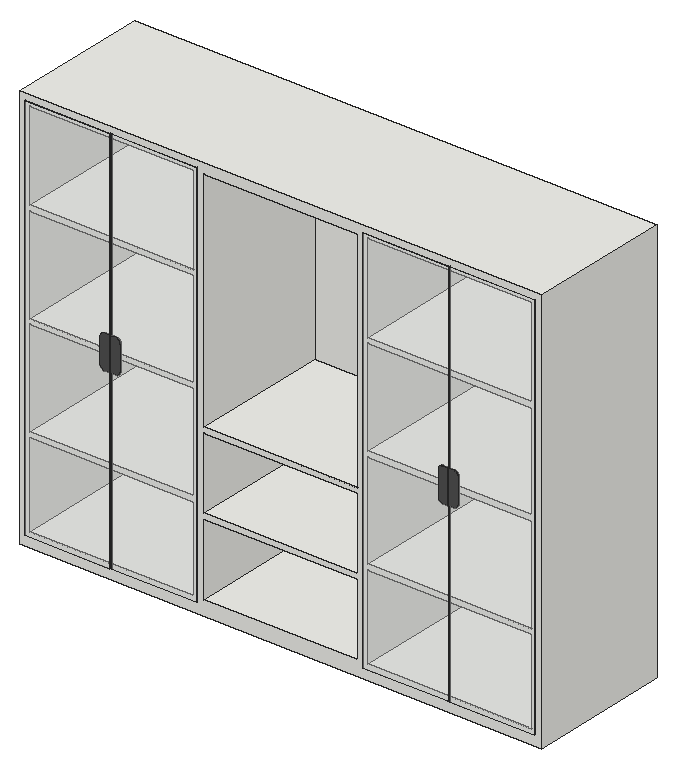
Revit family
Parameters (values of type "2743 x 2134 x 0762mm")
  Material = Laminate - Ivory,Matte
  Keynote = "N"
  Center Width = 813.00 mm
  Depth = 762.00 mm
  Height = 2134.00 mm
  Width = 2743.00 mm
  Assembly Code = ""
Types (2, lengths in mm): name | Depth | Height | Width
  1830 x 1830 x 0610mm | 610.00 | 1830.00 | 1830.00
  2743 x 2134 x 0762mm | 762.00 | 2134.00 | 2743.00
Reference planes
  plane 1: y = -406.4
  plane 2: z = 0
  plane 3: x = 0
  plane 4 "Back": y = -25.4
  plane 5 "Front": y = -787.4
  plane 6 "Right": x = 1371.5
  plane 7 "Left": x = -1371.5
  plane 8: z = 2134
  plane 9: x = -1320.7
  plane 10: x = -406.5
  plane 11: x = 406.5
  plane 12: x = 1320.7
  plane 13: x = -1371.5
  plane 14: x = 1371.5
  plane 15: z = 1600.5
  plane 16: z = 1067
  plane 17: z = 533.5
  plane 18: x = -431.9
  plane 19: x = 431.9
  plane 20: x = -889
  plane 21: x = 889
  plane 22: x = -1320.7
  plane 23: x = -457.3
  plane 24: x = 457.3
  plane 25: x = 1320.7
Forms (mm)
  Extrusion 1, solid, material "Laminate - Ivory,Matte" <- "Material"
    sketch origin (0, 0, 0) x (1, 0, 0) y (0, 0, 1)
      loop
        line (-1371.5, 0) -> (1371.5, 0) -> (1371.5, 2134) -> (-1371.5, 2134) -> (-1371.5, 0)
      loop
        line (-1320.7, 2083.2) -> (-1320.7, 1613.2) -> (-457.3, 1613.2) -> (-457.3, 2083.2) -> (-1320.7, 2083.2)
      loop
        line (-1320.7, 76.2) -> (-457.3, 76.2) -> (-457.3, 520.8) -> (-1320.7, 520.8) -> (-1320.7, 76.2)
      loop
        line (1320.7, 2083.2) -> (457.3, 2083.2) -> (457.3, 1613.2) -> (1320.7, 1613.2) -> (1320.7, 2083.2)
      loop
        line (-406.5, 2083.2) -> (-406.5, 889.2) -> (406.5, 889.2) -> (406.5, 2083.2) -> (-406.5, 2083.2)
      loop
        line (-406.5, 76.2) -> (406.5, 76.2) -> (406.5, 457.3) -> (-406.5, 457.3) -> (-406.5, 76.2)
      loop
        line (457.3, 76.2) -> (1320.7, 76.2) -> (1320.7, 520.8) -> (457.3, 520.8) -> (457.3, 76.2)
      loop
        line (-457.3, 546.2) -> (-457.3, 1054.3) -> (-1320.7, 1054.3) -> (-1320.7, 546.2) -> (-457.3, 546.2)
      loop
        line (-1320.7, 1587.8) -> (-1320.7, 1079.7) -> (-457.3, 1079.7) -> (-457.3, 1587.8) -> (-1320.7, 1587.8)
      loop
        line (1320.7, 1587.8) -> (457.3, 1587.8) -> (457.3, 1079.7) -> (1320.7, 1079.7) -> (1320.7, 1587.8)
      loop
        line (1320.7, 1054.3) -> (457.3, 1054.3) -> (457.3, 546.2) -> (1320.7, 546.2) -> (1320.7, 1054.3)
      loop
        line (-406.5, 482.7) -> (406.5, 482.7) -> (406.5, 863.8) -> (-406.5, 863.8) -> (-406.5, 482.7)
    from 25.4 to 781.05
  Extrusion 2, solid, material "Laminate - Ivory,Matte" <- "Material"
    sketch origin (0, -25.4, 0) x (-1, 0, 0) y (0, 0, 1)
      loop
        line (1320.7, 2083.2) -> (-1320.7, 2083.2) -> (-1320.7, 76.2) -> (1320.7, 76.2) -> (1320.7, 2083.2)
    from 0 to -25.4
  Extrusion 3, solid, material "Glass - Clear, Grey"
    sketch origin (0, -787.4, 0) x (-1, 0, 0) y (0, 0, 1)
      loop
        line (1339.75, 2102.25) -> (892.175, 2102.25) -> (892.175, 50.8) -> (1339.75, 50.8) -> (1339.75, 2102.25)
      loop
        line (438.25, 50.8) -> (885.825, 50.8) -> (885.825, 2102.25) -> (438.25, 2102.25) -> (438.25, 50.8)
      loop
        line (-1339.75, 2102.25) -> (-1339.75, 50.8) -> (-892.175, 50.8) -> (-892.175, 2102.25) -> (-1339.75, 2102.25)
      loop
        line (-438.25, 50.8) -> (-438.25, 2102.25) -> (-885.825, 2102.25) -> (-885.825, 50.8) -> (-438.25, 50.8)
    from 0 to 6.35
  Extrusion 4, solid, material "Metal - Chrome"
    sketch origin (0, -787.4, 0) x (-1, 0, 0) y (0, 0, 1)
      loop
        line (885.825, 1155.9) -> (861.599, 1155.9)
        arc (861.599, 1155.9) -> (843.638, 1148.461) -> (836.199, 1130.5) r 25.4
        line (836.199, 1130.5) -> (836.199, 1003.5)
        arc (836.199, 1003.5) -> (843.638, 985.539) -> (861.599, 978.1) r 25.4
        line (861.599, 978.1) -> (885.825, 978.1) -> (885.825, 1155.9)
      loop
        line (892.175, 1155.9) -> (892.175, 978.1) -> (916.781, 978.1)
        arc (916.781, 978.1) -> (934.742, 985.539) -> (942.181, 1003.5) r 25.4
        line (942.181, 1003.5) -> (942.181, 1130.5)
        arc (942.181, 1130.5) -> (934.742, 1148.461) -> (916.781, 1155.9) r 25.4
        line (916.781, 1155.9) -> (892.175, 1155.9)
      loop
        line (-885.825, 1155.9) -> (-885.825, 978.1) -> (-861.599, 978.1)
        arc (-861.599, 978.1) -> (-843.638, 985.539) -> (-836.199, 1003.5) r 25.4
        line (-836.199, 1003.5) -> (-836.199, 1130.5)
        arc (-836.199, 1130.5) -> (-843.638, 1148.461) -> (-861.599, 1155.9) r 25.4
        line (-861.599, 1155.9) -> (-885.825, 1155.9)
      loop
        line (-892.175, 1155.9) -> (-916.781, 1155.9)
        arc (-916.781, 1155.9) -> (-934.742, 1148.461) -> (-942.181, 1130.5) r 25.4
        line (-942.181, 1130.5) -> (-942.181, 1003.5)
        arc (-942.181, 1003.5) -> (-934.742, 985.539) -> (-916.781, 978.1) r 25.4
        line (-916.781, 978.1) -> (-892.175, 978.1) -> (-892.175, 1155.9)
    from 0 to -3.175
Lines and regions (mm)
  Masking region 1
    outline origin (0, 0, 0) x (1, 0, 0) y (0, 1, 0)
      loop
        line (-1371.5, -25.4) -> (-1371.5, -787.4) -> (1371.5, -787.4) -> (1371.5, -25.4) -> (-1371.5, -25.4)
  symbolic lines, style "Furniture"
    curve 1: line (-1371.5, -787.4, 0) -> (1371.5, -787.4, 0)
    curve 2: line (-1371.5, -25.4, 0) -> (-1371.5, -787.4, 0)
    curve 3: line (1371.5, -25.4, 0) -> (-1371.5, -25.4, 0)
    curve 4: line (1371.5, -787.4, 0) -> (1371.5, -25.4, 0)
Dimensions and locks
  locked: plane 13 to plane 9 at 50.8
  locked: plane 12 to plane 14 at 50.8
  plane 8 to Extrusion 1 sketch curve = 50.80 mm
  Extrusion 1 sketch curve to plane 2 = 76.20 mm
  Extrusion 1 sketch curve to Extrusion 1 sketch curve = 25.40 mm  (x2)
  "Width": plane 7 "Left" to plane 6 "Right"
  equal spacing: plane 7 "Left", plane 3, plane 6 "Right"
  equal spacing: plane 4 "Back", plane 1, plane 5 "Front"
  "Depth": plane 4 "Back" to plane 5 "Front"
  equal spacing: plane 8, plane 15, plane 16, plane 17, plane 2
  locked: Extrusion 1 sketch curve to plane 15 at 12.7
  locked: plane 15 to Extrusion 1 sketch curve at 12.7
  locked: Extrusion 1 sketch curve to plane 16 at 12.7
  locked: plane 16 to Extrusion 1 sketch curve at 12.7
  locked: Extrusion 1 sketch curve to plane 17 at 12.7
  locked: plane 17 to Extrusion 1 sketch curve at 12.7
  "Height": plane 8 to plane 2
  "Center Width": plane 10 to plane 11
  equal spacing: plane 10, plane 3, plane 11
  locked: plane 18 to plane 10 at 25.4
  locked: plane 11 to plane 19 at 25.4
  locked: plane 7 "Left" to plane 22 at 50.8
  locked: plane 23 to plane 18 at 25.4
  locked: plane 19 to plane 24 at 25.4
  locked: plane 25 to plane 6 "Right" at 50.8
  equal spacing: plane 22, plane 20, plane 23
  equal spacing: plane 24, plane 21, plane 25
  aligned and locked: Extrusion 1 sketch curve to plane 13
  aligned and locked: Extrusion 1 sketch curve to plane 14
  aligned and locked: plane 13 to plane 7 "Left"
  aligned and locked: Extrusion 1 sketch curve to Extrusion 1 sketch curve  (x2)
  aligned and locked: plane 14 to plane 6 "Right"
  aligned and locked: plane 4 "Back" to Extrusion 1
  aligned and locked: Extrusion 1 to Extrusion 3
  aligned and locked: Extrusion 4 sketch curve to Extrusion 3  (x2)
  aligned and locked: Extrusion 3 to Extrusion 4 sketch curve  (x2)
  aligned: Masking region 1 sketch curve to curve 2
  aligned: Masking region 1 sketch curve to Extrusion 1
  aligned: curve 1 to Masking region 1 sketch curve
  aligned: Masking region 1 sketch curve to curve 4
Automatic sketch dimensions
  Extrusion 1 sketch curve to plane 9 = 0.00 mm  (x4)
  Extrusion 1 sketch curve to plane 10 = 0.00 mm  (x3)
  Extrusion 1 sketch curve to plane 11 = 0.00 mm  (x3)
  Extrusion 1 sketch curve to plane 12 = 0.00 mm  (x4)
  Extrusion 1 sketch curve to Extrusion 1 sketch curve = 50.80 mm  (x2)
  Extrusion 1 sketch curve to plane 11 = 50.80 mm
  Extrusion 1 sketch curve to plane 8 = 0.00 mm
  Extrusion 1 sketch curve to Extrusion 1 sketch curve = 0.00 mm  (x6)
  Extrusion 1 sketch curve to level = 0.00 mm
  level to Extrusion 1 sketch curve = 76.20 mm
  plane 8 to Extrusion 1 sketch curve = 50.80 mm
  Extrusion 1 sketch curve to Extrusion 1 sketch curve = 165.10 mm  (x2)
  Extrusion 1 sketch curve to Extrusion 1 sketch curve = 25.40 mm  (x2)
  Extrusion 1 sketch curve to Extrusion 1 sketch curve = 38.10 mm  (x2)
  curve 3 to plane 4 "Back" = 0.00 mm
  curve 3 to plane 7 "Left" = 0.00 mm
  curve 3 to plane 6 "Right" = 0.00 mm
  curve 1 to plane 5 "Front" = 0.00 mm
  Extrusion 2 sketch curve to plane 6 "Right" = 50.80 mm
  plane 7 "Left" to Extrusion 2 sketch curve = 50.80 mm
  level to Extrusion 2 sketch curve = 76.20 mm
  plane 8 to Extrusion 2 sketch curve = 50.80 mm
  plane 18 to Extrusion 1 sketch curve = 25.40 mm
  Extrusion 3 sketch curve to plane 6 "Right" = 31.75 mm
  Extrusion 3 sketch curve to plane 21 = 3.175 mm
  plane 21 to Extrusion 3 sketch curve = 3.175 mm
  Extrusion 3 sketch curve to plane 19 = 6.35 mm
  plane 18 to Extrusion 3 sketch curve = 6.35 mm
  Extrusion 3 sketch curve to plane 20 = 3.175 mm
  plane 20 to Extrusion 3 sketch curve = 3.175 mm
  plane 7 "Left" to Extrusion 3 sketch curve = 31.75 mm
  level to Extrusion 3 sketch curve = 50.80 mm  (x4)
  plane 8 to Extrusion 3 sketch curve = 31.75 mm  (x4)
  Extrusion 4 sketch curve to Extrusion 4 sketch curve = 24.606 mm  (x4)
  Extrusion 4 sketch curve to Extrusion 4 sketch curve = 25.40 mm  (x5)
  Extrusion 4 sketch curve to Extrusion 4 sketch curve = 24.226 mm  (x4)
  Extrusion 4 sketch curve to Extrusion 4 sketch curve = 49.626 mm
  plane 16 to Extrusion 4 sketch curve = 88.90 mm  (x2)
  Extrusion 4 sketch curve to Extrusion 4 sketch curve = 0.00 mm  (x2)
  Extrusion 4 sketch curve to plane 16 = 63.50 mm  (x2)
  Masking region 1 sketch curve to plane 5 "Front" = 0.00 mm
  Masking region 1 sketch curve to plane 7 "Left" = 0.00 mm
  Masking region 1 sketch curve to plane 6 "Right" = 0.00 mm
  Masking region 1 sketch curve to plane 4 "Back" = 0.00 mm
